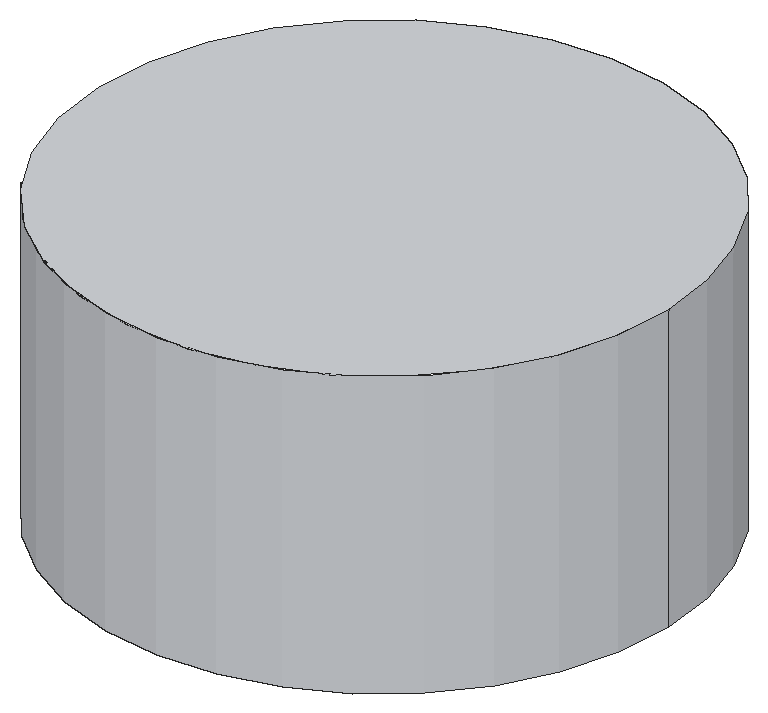
Revit family "ASF-20-C4", category Mechanical Equipment, Revit 2023
Family settings
  Round Connector Dimension = Use Diameter
  Classification = None
  Part Type = Normal
  OmniClass Number = 23.75.00.00
  OmniClass Title = Climate Control (HVAC)
  Work Plane-Based = No
  Always vertical = Yes
  Cut with Voids When Loaded = No
  Maintain Annotation Orientation = No
  Shared = No
  Room Calculation Point = No
Parameters (values of type "Standard")
  Volume = 0.115815 CF
  Title = "Aura Solar Attic Fan - 20\" Diameter, 4\" Tall Collar"
  Subject = "ASF-20-C4"
  Requested Accuracy = "Low"
  Part Number = "ASF-20-C4"
  Mass = 14.1029 lbm
  Designer = "CAD Machine"
  Design State = 1
  Density = 121.771 lb/ft³
  Default Elevation = 0' - 0"
  Creation Date = "11/21/2022"
  Connector_1_Diameter = 1' - 7 3/4"
  Center of Gravity = "X: 0.021 in Y: -5.456 in Z: -0.060 in"
  Author = "CAD Machine"
  Area = 70.6828 SF
Reference planes (in)
  plane 1 "Center (Front/Back)": y = 0
  plane 2: z = 0
  plane 3 "Center (Left/Right)": x = 0
Forms (in)
  Extrusion 1, solid
    sketch origin (0, 0, -14.59716) x (1, 0, 0) y (0, 1, 0)
      loop
        circle (0, 0) r 0.12
    from 0 to -0.12
Dimensions and locks (in)
  aligned and locked: plane 2 to level
Connectors (in)
  hvac at (0, 0, -14.59716), driven by "Connector_1_Diameter"
    settings: on Extrusion 1, index 1, duct flow 0 CFM, flow factor 0, pres drop 0.00 in-wg, loss coef 0, conn angle 0.00°, conn width 12", conn height 12", conn diameter 19 3/4", duct sys type 3, conn prof type 0, flow config 1, flow direction 1, loss method 0, conn ref index -1, conn util no, is conn primary yes, conn desc ""
